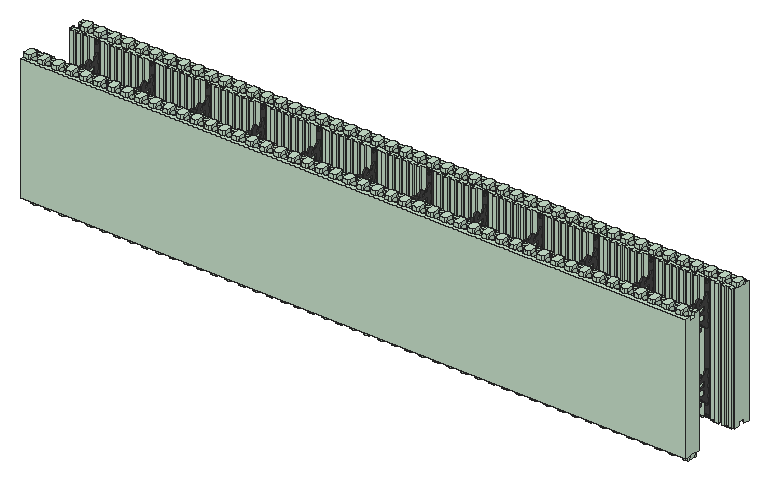
Revit family (continued)
Definition of nested family "6-inch Web"
  Forms (in)
    Extrusion 1, solid, material "Polypropylene- NUDURA"
      sketch origin (0, 0, -0.5) x (0, 1, 0) y (0, 0, 1)
        loop
          arc (2.7525, 12.7262) -> (2.7083, 12.7079) -> (2.69, 12.6637) r 0.0625
          line (2.69, 12.6637) -> (2.69, 12.5962)
          arc (2.69, 12.5962) -> (2.73587, 12.45187) -> (2.85666, 12.3605) r 0.25
          arc (2.85666, 12.3605) -> (2.98601, 12.29206) -> (3.09, 12.1891) r 0.5
          line (3.09, 12.1891) -> (3.19, 12.1891) -> (3.19, 12.7887)
          arc (3.19, 12.7887) -> (3.17169, 12.74451) -> (3.1275, 12.7262) r 0.0625
          line (3.1275, 12.7262) -> (2.8844, 12.7262) -> (2.8844, 12.79623) -> (2.995, 12.79623) -> (2.995, 13.2962) -> (2.8844, 13.2962) -> (2.8844, 13.3662) -> (3.1275, 13.3662)
          arc (3.1275, 13.3662) -> (3.17169, 13.3479) -> (3.19, 13.3037) r 0.0625
          line (3.19, 13.3037) -> (3.19, 14.0887)
          arc (3.19, 14.0887) -> (3.17169, 14.04451) -> (3.1275, 14.0262) r 0.0625
          line (3.1275, 14.0262) -> (2.8844, 14.0262) -> (2.8844, 14.0962) -> (2.995, 14.0962) -> (2.995, 14.5962) -> (2.8844, 14.5962) -> (2.8844, 14.6662) -> (3.1275, 14.6662)
          arc (3.1275, 14.6662) -> (3.17169, 14.6479) -> (3.19, 14.6037) r 0.0625
          line (3.19, 14.6037) -> (3.19, 15.3887)
          arc (3.19, 15.3887) -> (3.17169, 15.34451) -> (3.1275, 15.3262) r 0.0625
          line (3.1275, 15.3262) -> (2.8844, 15.3262) -> (2.8844, 15.3962) -> (2.995, 15.3962)
        loop
          line (0.38913, 14.4362) -> (1.98527, 14.4362)
          arc (1.98527, 14.4362) -> (2.29477, 14.47239) -> (2.59139, 14.56787) r 1.6
          arc (2.59139, 14.56787) -> (2.64143, 14.5885) -> (2.695, 14.5962) r 0.21872
          line (2.695, 14.5962) -> (2.80974, 14.5962) -> (2.80974, 14.6662) -> (2.7525, 14.6662)
          arc (2.7525, 14.6662) -> (2.7083, 14.68451) -> (2.69, 14.7287) r 0.0625
          line (2.69, 14.7287) -> (2.69, 15.2637)
          arc (2.69, 15.2637) -> (2.7083, 15.3079) -> (2.7525, 15.3262) r 0.0625
          line (2.7525, 15.3262) -> (2.80974, 15.3262) -> (2.80974, 15.3962) -> (2.695, 15.3962)
          arc (2.695, 15.3962) -> (2.62256, 15.38693) -> (2.551, 15.3724) r 1
          line (2.551, 15.3724) -> (0.33976, 14.89084)
          arc (0.33976, 14.89084) -> (0.16047, 14.64137) -> (0.38913, 14.4362) r 0.23
        loop
          arc (2.695, 14.0962) -> (2.64143, 14.10391) -> (2.59139, 14.12453) r 0.21872
          arc (2.59139, 14.12453) -> (2.29477, 14.22002) -> (1.98527, 14.2562) r 1.6
          line (1.98527, 14.2562) -> (0.38913, 14.2562)
          arc (0.38913, 14.2562) -> (0.16047, 14.05103) -> (0.33976, 13.80156) r 0.23
          line (0.33976, 13.80156) -> (2.551, 13.32001)
          arc (2.551, 13.32001) -> (2.62256, 13.30547) -> (2.695, 13.2962) r 1
          line (2.695, 13.2962) -> (2.80974, 13.2962) -> (2.80974, 13.3662) -> (2.7525, 13.3662)
          arc (2.7525, 13.3662) -> (2.7083, 13.38451) -> (2.69, 13.4287) r 0.0625
          line (2.69, 13.4287) -> (2.69, 13.9637)
          arc (2.69, 13.9637) -> (2.7083, 14.0079) -> (2.7525, 14.0262) r 0.0625
          line (2.7525, 14.0262) -> (2.80974, 14.0262) -> (2.80974, 14.0962) -> (2.695, 14.0962)
        loop
          arc (-2.59482, 15.38194) -> (-2.64473, 15.39034) -> (-2.695, 15.3962) r 1
          line (-2.695, 15.3962) -> (-2.80974, 15.3962) -> (-2.80974, 15.3262) -> (-2.7525, 15.3262)
          arc (-2.7525, 15.3262) -> (-2.7083, 15.3079) -> (-2.69, 15.2637) r 0.0625
          line (-2.69, 15.2637) -> (-2.69, 14.7287)
          arc (-2.69, 14.7287) -> (-2.7083, 14.68451) -> (-2.7525, 14.6662) r 0.0625
          line (-2.7525, 14.6662) -> (-2.80974, 14.6662) -> (-2.80974, 14.5962) -> (-2.695, 14.5962)
          arc (-2.695, 14.5962) -> (-2.64143, 14.5885) -> (-2.59139, 14.56787) r 0.21872
          arc (-2.59139, 14.56787) -> (-2.29477, 14.47239) -> (-1.98527, 14.4362) r 1.6
          line (-1.98527, 14.4362) -> (-0.38913, 14.4362)
          arc (-0.38913, 14.4362) -> (-0.16047, 14.64137) -> (-0.33976, 14.89084) r 0.23
          line (-0.33976, 14.89084) -> (-2.59482, 15.38194)
        loop
          line (-2.695, 14.0962) -> (-2.80974, 14.0962) -> (-2.80974, 14.0262) -> (-2.7525, 14.0262)
          arc (-2.7525, 14.0262) -> (-2.7083, 14.0079) -> (-2.69, 13.9637) r 0.0625
          line (-2.69, 13.9637) -> (-2.69, 13.4287)
          arc (-2.69, 13.4287) -> (-2.7083, 13.38451) -> (-2.7525, 13.3662) r 0.0625
          line (-2.7525, 13.3662) -> (-2.80974, 13.3662) -> (-2.80974, 13.2962) -> (-2.695, 13.2962)
          arc (-2.695, 13.2962) -> (-2.62256, 13.30547) -> (-2.551, 13.32001) r 1
          line (-2.551, 13.32001) -> (-0.33976, 13.80156)
          arc (-0.33976, 13.80156) -> (-0.16047, 14.05103) -> (-0.38913, 14.2562) r 0.23
          line (-0.38913, 14.2562) -> (-1.98527, 14.2562)
          arc (-1.98527, 14.2562) -> (-2.29477, 14.22002) -> (-2.59139, 14.12453) r 1.6
          arc (-2.59139, 14.12453) -> (-2.64143, 14.10391) -> (-2.695, 14.0962) r 0.21872
        loop
          line (3.19, 18.01497) -> (3.19, 18.26376)
          arc (3.19, 18.26376) -> (3.18585, 18.24855) -> (3.17457, 18.23754) r 0.03
          line (3.17457, 18.23754) -> (3.00543, 18.14357)
          arc (3.00543, 18.14357) -> (2.99414, 18.13256) -> (2.99, 18.11735) r 0.03
          line (2.99, 18.11735) -> (2.99, 18.04614)
          arc (2.99, 18.04614) -> (2.99625, 18.03161) -> (3.01111, 18.02617) r 0.02
          line (3.01111, 18.02617) -> (3.16889, 18.03494)
          arc (3.16889, 18.03494) -> (3.18374, 18.0295) -> (3.19, 18.01497) r 0.02
        loop
          arc (-3.19, 18.01497) -> (-3.18374, 18.0295) -> (-3.16889, 18.03494) r 0.02
          line (-3.16889, 18.03494) -> (-3.01111, 18.02617)
          arc (-3.01111, 18.02617) -> (-2.99625, 18.03161) -> (-2.99, 18.04614) r 0.02
          line (-2.99, 18.04614) -> (-2.99, 18.11735)
          arc (-2.99, 18.11735) -> (-2.99414, 18.13256) -> (-3.00543, 18.14357) r 0.03
          line (-3.00543, 18.14357) -> (-3.17457, 18.23754)
          arc (-3.17457, 18.23754) -> (-3.18585, 18.24855) -> (-3.19, 18.26376) r 0.03
          line (-3.19, 18.26376) -> (-3.19, 18.01497)
      from -0.125 to 0.125
    Extrusion 2, solid, material "Polypropylene- NUDURA"
      sketch origin (0, 0, 0) x (0, 1, 0) y (0, 0, 1)
        loop
          line (3.19, 17.8125) -> (3.19, 0.1875)
          arc (3.19, 0.1875) -> (3.2092, 0.14243) -> (3.255, 0.12505) r 0.0625
          arc (3.255, 0.12505) -> (3.3008, 0.14243) -> (3.32, 0.1875) r 0.0625
          line (3.32, 0.1875) -> (3.32, 17.8125)
          arc (3.32, 17.8125) -> (3.3008, 17.85757) -> (3.255, 17.87495) r 0.0625
          arc (3.255, 17.87495) -> (3.2092, 17.85757) -> (3.19, 17.8125) r 0.0625
        loop
          arc (-3.19, 17.8125) -> (-3.2092, 17.85757) -> (-3.255, 17.87495) r 0.0625
          arc (-3.255, 17.87495) -> (-3.3008, 17.85757) -> (-3.32, 17.8125) r 0.0625
          line (-3.32, 17.8125) -> (-3.32, 0.1875)
          arc (-3.32, 0.1875) -> (-3.3008, 0.14243) -> (-3.255, 0.12505) r 0.0625
          arc (-3.255, 0.12505) -> (-3.2092, 0.14243) -> (-3.19, 0.1875) r 0.0625
          line (-3.19, 0.1875) -> (-3.19, 17.8125)
      from -0.36328 to 0.36328
Definition of nested family "NUDURA Diamond Pattern"
  Reference planes (in)
    plane 1 "Center (Front/Back)": y = 0
    plane 2: z = 0
    plane 3 "Center (Left/Right)": x = 0
    plane 4: z = 18
  Lines and regions (in)
    model lines
      curve 1: line (8, -5.625, 18) -> (8, -5.625, 0)
      curve 2: line (6, -5.625, 18) -> (6, -5.625, 0)
      curve 3: line (2, -5.625, 18) -> (2, -5.625, 0)
      curve 4: line (3.35367, -5.625, 16.98484) -> (3.69709, -5.625, 16.64142)
      curve 5: arc (3.35367, -5.625, 17.51517) -> (3.24384, -5.625, 17.25) -> (3.35367, -5.625, 16.98484) r 0.375
      curve 6: line (3.72867, -5.625, 17.89017) -> (3.35367, -5.625, 17.51517)
      curve 7: arc (4.259, -5.625, 17.89017) -> (3.99384, -5.625, 18) -> (3.72867, -5.625, 17.89017) r 0.375
      curve 8: line (4.634, -5.625, 17.51517) -> (4.259, -5.625, 17.89017)
      curve 9: arc (4.634, -5.625, 16.98484) -> (4.74384, -5.625, 17.25) -> (4.634, -5.625, 17.51517) r 0.375
      curve 10: line (4.29059, -5.625, 16.64142) -> (4.634, -5.625, 16.98484)
      curve 11: arc (4.17062, -5.625, 17.80178) -> (3.99384, -5.625, 17.875) -> (3.81706, -5.625, 17.80178) r 0.25
      curve 12: line (4.54562, -5.625, 17.42678) -> (4.17062, -5.625, 17.80178)
      curve 13: arc (4.54562, -5.625, 17.07322) -> (4.61884, -5.625, 17.25) -> (4.54562, -5.625, 17.42678) r 0.25
      curve 14: line (4.17062, -5.625, 16.69822) -> (4.54562, -5.625, 17.07322)
      curve 15: arc (3.81706, -5.625, 16.69822) -> (3.99384, -5.625, 16.625) -> (4.17062, -5.625, 16.69822) r 0.25
      curve 16: line (3.44206, -5.625, 17.07322) -> (3.81706, -5.625, 16.69822)
      curve 17: arc (3.44206, -5.625, 17.42678) -> (3.36884, -5.625, 17.25) -> (3.44206, -5.625, 17.07322) r 0.25
      curve 18: line (3.81706, -5.625, 17.80178) -> (3.44206, -5.625, 17.42678)
      curve 19: arc (3.69709, -5.625, 16.35858) -> (3.75567, -5.625, 16.5) -> (3.69709, -5.625, 16.64142) r 0.2
      curve 20: line (4.634, -5.625, 16.01517) -> (4.29059, -5.625, 16.35858)
      curve 21: arc (4.634, -5.625, 15.48484) -> (4.74384, -5.625, 15.75) -> (4.634, -5.625, 16.01517) r 0.375
      curve 22: line (4.29059, -5.625, 15.14142) -> (4.634, -5.625, 15.48484)
      curve 23: line (3.35367, -5.625, 15.48484) -> (3.69709, -5.625, 15.14142)
      curve 24: arc (3.35367, -5.625, 16.01517) -> (3.24384, -5.625, 15.75) -> (3.35367, -5.625, 15.48484) r 0.375
      curve 25: line (3.69709, -5.625, 16.35858) -> (3.35367, -5.625, 16.01517)
      curve 26: arc (4.17062, -5.625, 16.30178) -> (3.99384, -5.625, 16.375) -> (3.81706, -5.625, 16.30178) r 0.25
      curve 27: line (3.81706, -5.625, 16.30178) -> (3.44206, -5.625, 15.92678)
      curve 28: arc (3.44206, -5.625, 15.92678) -> (3.36884, -5.625, 15.75) -> (3.44206, -5.625, 15.57322) r 0.25
      curve 29: line (3.44206, -5.625, 15.57322) -> (3.81706, -5.625, 15.19822)
      curve 30: arc (3.81706, -5.625, 15.19822) -> (3.99384, -5.625, 15.125) -> (4.17062, -5.625, 15.19822) r 0.25
      curve 31: line (4.17062, -5.625, 15.19822) -> (4.54562, -5.625, 15.57322)
      curve 32: arc (4.54562, -5.625, 15.57322) -> (4.61884, -5.625, 15.75) -> (4.54562, -5.625, 15.92678) r 0.25
      curve 33: line (4.54562, -5.625, 15.92678) -> (4.17062, -5.625, 16.30178)
      curve 34: arc (3.69709, -5.625, 14.85858) -> (3.75567, -5.625, 15) -> (3.69709, -5.625, 15.14142) r 0.2
      curve 35: line (4.634, -5.625, 14.51517) -> (4.29059, -5.625, 14.85858)
      curve 36: arc (4.634, -5.625, 13.98484) -> (4.74384, -5.625, 14.25) -> (4.634, -5.625, 14.51517) r 0.375
      curve 37: line (4.29059, -5.625, 13.64142) -> (4.634, -5.625, 13.98484)
      curve 38: line (3.35367, -5.625, 13.98484) -> (3.69709, -5.625, 13.64142)
      curve 39: arc (3.35367, -5.625, 14.51517) -> (3.24384, -5.625, 14.25) -> (3.35367, -5.625, 13.98484) r 0.375
      curve 40: line (3.69709, -5.625, 14.85858) -> (3.35367, -5.625, 14.51517)
      curve 41: arc (4.17062, -5.625, 14.80178) -> (3.99384, -5.625, 14.875) -> (3.81706, -5.625, 14.80178) r 0.25
      curve 42: line (3.81706, -5.625, 14.80178) -> (3.44206, -5.625, 14.42678)
      curve 43: arc (3.44206, -5.625, 14.42678) -> (3.36884, -5.625, 14.25) -> (3.44206, -5.625, 14.07322) r 0.25
      curve 44: line (3.44206, -5.625, 14.07322) -> (3.81706, -5.625, 13.69822)
      curve 45: arc (3.81706, -5.625, 13.69822) -> (3.99384, -5.625, 13.625) -> (4.17062, -5.625, 13.69822) r 0.25
      curve 46: line (4.17062, -5.625, 13.69822) -> (4.54562, -5.625, 14.07322)
      curve 47: arc (4.54562, -5.625, 14.07322) -> (4.61884, -5.625, 14.25) -> (4.54562, -5.625, 14.42678) r 0.25
      curve 48: line (4.54562, -5.625, 14.42678) -> (4.17062, -5.625, 14.80178)
      curve 49: arc (3.69709, -5.625, 13.35858) -> (3.75567, -5.625, 13.5) -> (3.69709, -5.625, 13.64142) r 0.2
      curve 50: line (4.634, -5.625, 13.01517) -> (4.29059, -5.625, 13.35858)
      curve 51: arc (4.634, -5.625, 12.48484) -> (4.74384, -5.625, 12.75) -> (4.634, -5.625, 13.01517) r 0.375
      curve 52: line (4.29059, -5.625, 12.14142) -> (4.634, -5.625, 12.48484)
      curve 53: line (3.35367, -5.625, 12.48484) -> (3.69709, -5.625, 12.14142)
      curve 54: arc (3.35367, -5.625, 13.01517) -> (3.24384, -5.625, 12.75) -> (3.35367, -5.625, 12.48484) r 0.375
      curve 55: line (3.69709, -5.625, 13.35858) -> (3.35367, -5.625, 13.01517)
      curve 56: arc (4.17062, -5.625, 13.30178) -> (3.99384, -5.625, 13.375) -> (3.81706, -5.625, 13.30178) r 0.25
      curve 57: line (3.81706, -5.625, 13.30178) -> (3.44206, -5.625, 12.92678)
      curve 58: arc (3.44206, -5.625, 12.92678) -> (3.36884, -5.625, 12.75) -> (3.44206, -5.625, 12.57322) r 0.25
      curve 59: line (3.44206, -5.625, 12.57322) -> (3.81706, -5.625, 12.19822)
      curve 60: arc (3.81706, -5.625, 12.19822) -> (3.99384, -5.625, 12.125) -> (4.17062, -5.625, 12.19822) r 0.25
      curve 61: line (4.17062, -5.625, 12.19822) -> (4.54562, -5.625, 12.57322)
      curve 62: arc (4.54562, -5.625, 12.57322) -> (4.61884, -5.625, 12.75) -> (4.54562, -5.625, 12.92678) r 0.25
      curve 63: line (4.54562, -5.625, 12.92678) -> (4.17062, -5.625, 13.30178)
      curve 64: arc (3.69709, -5.625, 11.85858) -> (3.75567, -5.625, 12) -> (3.69709, -5.625, 12.14142) r 0.2
      curve 65: line (4.634, -5.625, 11.51517) -> (4.29059, -5.625, 11.85858)
      curve 66: arc (4.634, -5.625, 10.98484) -> (4.74384, -5.625, 11.25) -> (4.634, -5.625, 11.51517) r 0.375
      curve 67: line (4.29059, -5.625, 10.64142) -> (4.634, -5.625, 10.98484)
      curve 68: line (3.35367, -5.625, 10.98484) -> (3.69709, -5.625, 10.64142)
      curve 69: arc (3.35367, -5.625, 11.51517) -> (3.24384, -5.625, 11.25) -> (3.35367, -5.625, 10.98484) r 0.375
      curve 70: line (3.69709, -5.625, 11.85858) -> (3.35367, -5.625, 11.51517)
      curve 71: arc (4.17062, -5.625, 11.80178) -> (3.99384, -5.625, 11.875) -> (3.81706, -5.625, 11.80178) r 0.25
      curve 72: line (3.81706, -5.625, 11.80178) -> (3.44206, -5.625, 11.42678)
      curve 73: arc (3.44206, -5.625, 11.42678) -> (3.36884, -5.625, 11.25) -> (3.44206, -5.625, 11.07322) r 0.25
      curve 74: line (3.44206, -5.625, 11.07322) -> (3.81706, -5.625, 10.69822)
      curve 75: arc (3.81706, -5.625, 10.69822) -> (3.99384, -5.625, 10.625) -> (4.17062, -5.625, 10.69822) r 0.25
      curve 76: line (4.17062, -5.625, 10.69822) -> (4.54562, -5.625, 11.07322)
      curve 77: arc (4.54562, -5.625, 11.07322) -> (4.61884, -5.625, 11.25) -> (4.54562, -5.625, 11.42678) r 0.25
      curve 78: line (4.54562, -5.625, 11.42678) -> (4.17062, -5.625, 11.80178)
      curve 79: arc (3.69709, -5.625, 10.35858) -> (3.75567, -5.625, 10.5) -> (3.69709, -5.625, 10.64142) r 0.2
      curve 80: line (4.634, -5.625, 10.01517) -> (4.29059, -5.625, 10.35858)
      curve 81: arc (4.634, -5.625, 9.48484) -> (4.74384, -5.625, 9.75) -> (4.634, -5.625, 10.01517) r 0.375
      curve 82: line (4.29059, -5.625, 9.14142) -> (4.634, -5.625, 9.48484)
      curve 83: line (3.35367, -5.625, 9.48484) -> (3.69709, -5.625, 9.14142)
      curve 84: arc (3.35367, -5.625, 10.01517) -> (3.24384, -5.625, 9.75) -> (3.35367, -5.625, 9.48484) r 0.375
      curve 85: line (3.69709, -5.625, 10.35858) -> (3.35367, -5.625, 10.01517)
      curve 86: arc (4.17062, -5.625, 10.30178) -> (3.99384, -5.625, 10.375) -> (3.81706, -5.625, 10.30178) r 0.25
      curve 87: line (3.81706, -5.625, 10.30178) -> (3.44206, -5.625, 9.92678)
      curve 88: arc (3.44206, -5.625, 9.92678) -> (3.36884, -5.625, 9.75) -> (3.44206, -5.625, 9.57322) r 0.25
      curve 89: line (3.44206, -5.625, 9.57322) -> (3.81706, -5.625, 9.19822)
      curve 90: arc (3.81706, -5.625, 9.19822) -> (3.99384, -5.625, 9.125) -> (4.17062, -5.625, 9.19822) r 0.25
      curve 91: line (4.17062, -5.625, 9.19822) -> (4.54562, -5.625, 9.57322)
      curve 92: arc (4.54562, -5.625, 9.57322) -> (4.61884, -5.625, 9.75) -> (4.54562, -5.625, 9.92678) r 0.25
      curve 93: line (4.54562, -5.625, 9.92678) -> (4.17062, -5.625, 10.30178)
      curve 94: arc (3.69709, -5.625, 8.85858) -> (3.75567, -5.625, 9) -> (3.69709, -5.625, 9.14142) r 0.2
      curve 95: line (4.634, -5.625, 8.51517) -> (4.29059, -5.625, 8.85858)
      curve 96: arc (4.634, -5.625, 7.98484) -> (4.74384, -5.625, 8.25) -> (4.634, -5.625, 8.51517) r 0.375
      curve 97: line (4.29059, -5.625, 7.64142) -> (4.634, -5.625, 7.98484)
      curve 98: line (3.35367, -5.625, 7.98484) -> (3.69709, -5.625, 7.64142)
      curve 99: arc (3.35367, -5.625, 8.51517) -> (3.24384, -5.625, 8.25) -> (3.35367, -5.625, 7.98484) r 0.375
      curve 100: line (3.69709, -5.625, 8.85858) -> (3.35367, -5.625, 8.51517)
      curve 101: arc (4.17062, -5.625, 8.80178) -> (3.99384, -5.625, 8.875) -> (3.81706, -5.625, 8.80178) r 0.25
      curve 102: line (3.81706, -5.625, 8.80178) -> (3.44206, -5.625, 8.42678)
      curve 103: arc (3.44206, -5.625, 8.42678) -> (3.36884, -5.625, 8.25) -> (3.44206, -5.625, 8.07322) r 0.25
      curve 104: line (3.44206, -5.625, 8.07322) -> (3.81706, -5.625, 7.69822)
      curve 105: arc (3.81706, -5.625, 7.69822) -> (3.99384, -5.625, 7.625) -> (4.17062, -5.625, 7.69822) r 0.25
      curve 106: line (4.17062, -5.625, 7.69822) -> (4.54562, -5.625, 8.07322)
      curve 107: arc (4.54562, -5.625, 8.07322) -> (4.61884, -5.625, 8.25) -> (4.54562, -5.625, 8.42678) r 0.25
      curve 108: line (4.54562, -5.625, 8.42678) -> (4.17062, -5.625, 8.80178)
      curve 109: arc (3.69709, -5.625, 7.35858) -> (3.75567, -5.625, 7.5) -> (3.69709, -5.625, 7.64142) r 0.2
      curve 110: line (4.634, -5.625, 7.01517) -> (4.29059, -5.625, 7.35858)
      curve 111: arc (4.634, -5.625, 6.48484) -> (4.74384, -5.625, 6.75) -> (4.634, -5.625, 7.01517) r 0.375
      curve 112: line (4.29059, -5.625, 6.14142) -> (4.634, -5.625, 6.48484)
      curve 113: line (3.35367, -5.625, 6.48484) -> (3.69709, -5.625, 6.14142)
      curve 114: arc (3.35367, -5.625, 7.01517) -> (3.24384, -5.625, 6.75) -> (3.35367, -5.625, 6.48484) r 0.375
      curve 115: line (3.69709, -5.625, 7.35858) -> (3.35367, -5.625, 7.01517)
      curve 116: arc (4.17062, -5.625, 7.30178) -> (3.99384, -5.625, 7.375) -> (3.81706, -5.625, 7.30178) r 0.25
      curve 117: line (3.81706, -5.625, 7.30178) -> (3.44206, -5.625, 6.92678)
      curve 118: arc (3.44206, -5.625, 6.92678) -> (3.36884, -5.625, 6.75) -> (3.44206, -5.625, 6.57322) r 0.25
      curve 119: line (3.44206, -5.625, 6.57322) -> (3.81706, -5.625, 6.19822)
      curve 120: arc (3.81706, -5.625, 6.19822) -> (3.99384, -5.625, 6.125) -> (4.17062, -5.625, 6.19822) r 0.25
      curve 121: line (4.17062, -5.625, 6.19822) -> (4.54562, -5.625, 6.57322)
      curve 122: arc (4.54562, -5.625, 6.57322) -> (4.61884, -5.625, 6.75) -> (4.54562, -5.625, 6.92678) r 0.25
      curve 123: line (4.54562, -5.625, 6.92678) -> (4.17062, -5.625, 7.30178)
      curve 124: arc (3.69709, -5.625, 5.85858) -> (3.75567, -5.625, 6) -> (3.69709, -5.625, 6.14142) r 0.2
      curve 125: line (4.634, -5.625, 5.51517) -> (4.29059, -5.625, 5.85858)
      curve 126: arc (4.634, -5.625, 4.98484) -> (4.74384, -5.625, 5.25) -> (4.634, -5.625, 5.51517) r 0.375
      curve 127: line (4.29059, -5.625, 4.64142) -> (4.634, -5.625, 4.98484)
      curve 128: line (3.35367, -5.625, 4.98484) -> (3.69709, -5.625, 4.64142)
      curve 129: arc (3.35367, -5.625, 5.51517) -> (3.24384, -5.625, 5.25) -> (3.35367, -5.625, 4.98484) r 0.375
      curve 130: line (3.69709, -5.625, 5.85858) -> (3.35367, -5.625, 5.51517)
      curve 131: arc (4.17062, -5.625, 5.80178) -> (3.99384, -5.625, 5.875) -> (3.81706, -5.625, 5.80178) r 0.25
      curve 132: line (3.81706, -5.625, 5.80178) -> (3.44206, -5.625, 5.42678)
      curve 133: arc (3.44206, -5.625, 5.42678) -> (3.36884, -5.625, 5.25) -> (3.44206, -5.625, 5.07322) r 0.25
      curve 134: line (3.44206, -5.625, 5.07322) -> (3.81706, -5.625, 4.69822)
      curve 135: arc (3.81706, -5.625, 4.69822) -> (3.99384, -5.625, 4.625) -> (4.17062, -5.625, 4.69822) r 0.25
      curve 136: line (4.17062, -5.625, 4.69822) -> (4.54562, -5.625, 5.07322)
      curve 137: arc (4.54562, -5.625, 5.07322) -> (4.61884, -5.625, 5.25) -> (4.54562, -5.625, 5.42678) r 0.25
      curve 138: line (4.54562, -5.625, 5.42678) -> (4.17062, -5.625, 5.80178)
      curve 139: arc (3.69709, -5.625, 4.35858) -> (3.75567, -5.625, 4.5) -> (3.69709, -5.625, 4.64142) r 0.2
      curve 140: line (4.634, -5.625, 4.01517) -> (4.29059, -5.625, 4.35858)
      curve 141: arc (4.634, -5.625, 3.48484) -> (4.74384, -5.625, 3.75) -> (4.634, -5.625, 4.01517) r 0.375
      curve 142: line (4.29059, -5.625, 3.14142) -> (4.634, -5.625, 3.48484)
      curve 143: line (3.35367, -5.625, 3.48484) -> (3.69709, -5.625, 3.14142)
      curve 144: arc (3.35367, -5.625, 4.01517) -> (3.24384, -5.625, 3.75) -> (3.35367, -5.625, 3.48484) r 0.375
      curve 145: line (3.69709, -5.625, 4.35858) -> (3.35367, -5.625, 4.01517)
      curve 146: arc (4.17062, -5.625, 4.30178) -> (3.99384, -5.625, 4.375) -> (3.81706, -5.625, 4.30178) r 0.25
      curve 147: line (3.81706, -5.625, 4.30178) -> (3.44206, -5.625, 3.92678)
      curve 148: arc (3.44206, -5.625, 3.92678) -> (3.36884, -5.625, 3.75) -> (3.44206, -5.625, 3.57322) r 0.25
      curve 149: line (3.44206, -5.625, 3.57322) -> (3.81706, -5.625, 3.19822)
      curve 150: arc (3.81706, -5.625, 3.19822) -> (3.99384, -5.625, 3.125) -> (4.17062, -5.625, 3.19822) r 0.25
      curve 151: line (4.17062, -5.625, 3.19822) -> (4.54562, -5.625, 3.57322)
      curve 152: arc (4.54562, -5.625, 3.57322) -> (4.61884, -5.625, 3.75) -> (4.54562, -5.625, 3.92678) r 0.25
      curve 153: line (4.54562, -5.625, 3.92678) -> (4.17062, -5.625, 4.30178)
      curve 154: arc (3.69709, -5.625, 2.85858) -> (3.75567, -5.625, 3) -> (3.69709, -5.625, 3.14142) r 0.2
      curve 155: line (4.634, -5.625, 2.51517) -> (4.29059, -5.625, 2.85858)
      curve 156: arc (4.634, -5.625, 1.98484) -> (4.74384, -5.625, 2.25) -> (4.634, -5.625, 2.51517) r 0.375
      curve 157: line (4.29059, -5.625, 1.64142) -> (4.634, -5.625, 1.98484)
      curve 158: line (3.35367, -5.625, 1.98484) -> (3.69709, -5.625, 1.64142)
      curve 159: arc (3.35367, -5.625, 2.51517) -> (3.24384, -5.625, 2.25) -> (3.35367, -5.625, 1.98484) r 0.375
      curve 160: line (3.69709, -5.625, 2.85858) -> (3.35367, -5.625, 2.51517)
      curve 161: arc (4.17062, -5.625, 2.80178) -> (3.99384, -5.625, 2.875) -> (3.81706, -5.625, 2.80178) r 0.25
      curve 162: line (3.81706, -5.625, 2.80178) -> (3.44206, -5.625, 2.42678)
      curve 163: arc (3.44206, -5.625, 2.42678) -> (3.36884, -5.625, 2.25) -> (3.44206, -5.625, 2.07322) r 0.25
      curve 164: line (3.44206, -5.625, 2.07322) -> (3.81706, -5.625, 1.69822)
      curve 165: arc (3.81706, -5.625, 1.69822) -> (3.99384, -5.625, 1.625) -> (4.17062, -5.625, 1.69822) r 0.25
      curve 166: line (4.17062, -5.625, 1.69822) -> (4.54562, -5.625, 2.07322)
      curve 167: arc (4.54562, -5.625, 2.07322) -> (4.61884, -5.625, 2.25) -> (4.54562, -5.625, 2.42678) r 0.25
      curve 168: line (4.54562, -5.625, 2.42678) -> (4.17062, -5.625, 2.80178)
      curve 169: arc (3.69709, -5.625, 1.35858) -> (3.75567, -5.625, 1.5) -> (3.69709, -5.625, 1.64142) r 0.2
      curve 170: line (3.69709, -5.625, 1.35858) -> (3.35367, -5.625, 1.01517)
      curve 171: arc (3.35367, -5.625, 1.01517) -> (3.24384, -5.625, 0.75) -> (3.35367, -5.625, 0.48484) r 0.375
      curve 172: line (3.35367, -5.625, 0.48484) -> (3.72867, -5.625, 0.10984)
      curve 173: arc (3.72867, -5.625, 0.10984) -> (3.99384, -5.625, 0) -> (4.259, -5.625, 0.10984) r 0.375
      curve 174: line (4.259, -5.625, 0.10984) -> (4.634, -5.625, 0.48484)
      curve 175: arc (4.634, -5.625, 0.48484) -> (4.74384, -5.625, 0.75) -> (4.634, -5.625, 1.01517) r 0.375
      curve 176: line (4.634, -5.625, 1.01517) -> (4.29059, -5.625, 1.35858)
      curve 177: arc (4.29059, -5.625, 1.64142) -> (4.23201, -5.625, 1.5) -> (4.29059, -5.625, 1.35858) r 0.2
      curve 178: arc (4.17062, -5.625, 1.30178) -> (3.99384, -5.625, 1.375) -> (3.81706, -5.625, 1.30178) r 0.25
      curve 179: line (4.54562, -5.625, 0.92678) -> (4.17062, -5.625, 1.30178)
      curve 180: arc (4.54562, -5.625, 0.57322) -> (4.61884, -5.625, 0.75) -> (4.54562, -5.625, 0.92678) r 0.25
      curve 181: line (4.17062, -5.625, 0.19822) -> (4.54562, -5.625, 0.57322)
      curve 182: arc (3.81706, -5.625, 0.19822) -> (3.99384, -5.625, 0.125) -> (4.17062, -5.625, 0.19822) r 0.25
      curve 183: line (3.44206, -5.625, 0.57322) -> (3.81706, -5.625, 0.19822)
      curve 184: arc (3.44206, -5.625, 0.92678) -> (3.36884, -5.625, 0.75) -> (3.44206, -5.625, 0.57322) r 0.25
      curve 185: line (3.81706, -5.625, 1.30178) -> (3.44206, -5.625, 0.92678)
      curve 186: arc (4.29059, -5.625, 3.14142) -> (4.23201, -5.625, 3) -> (4.29059, -5.625, 2.85858) r 0.2
      curve 187: arc (4.29059, -5.625, 4.64142) -> (4.23201, -5.625, 4.5) -> (4.29059, -5.625, 4.35858) r 0.2
      curve 188: arc (4.29059, -5.625, 6.14142) -> (4.23201, -5.625, 6) -> (4.29059, -5.625, 5.85858) r 0.2
      curve 189: arc (4.29059, -5.625, 7.64142) -> (4.23201, -5.625, 7.5) -> (4.29059, -5.625, 7.35858) r 0.2
      curve 190: arc (4.29059, -5.625, 9.14142) -> (4.23201, -5.625, 9) -> (4.29059, -5.625, 8.85858) r 0.2
      curve 191: arc (4.29059, -5.625, 10.64142) -> (4.23201, -5.625, 10.5) -> (4.29059, -5.625, 10.35858) r 0.2
      curve 192: arc (4.29059, -5.625, 12.14142) -> (4.23201, -5.625, 12) -> (4.29059, -5.625, 11.85858) r 0.2
      curve 193: arc (4.29059, -5.625, 13.64142) -> (4.23201, -5.625, 13.5) -> (4.29059, -5.625, 13.35858) r 0.2
      curve 194: arc (4.29059, -5.625, 15.14142) -> (4.23201, -5.625, 15) -> (4.29059, -5.625, 14.85858) r 0.2
      curve 195: arc (4.29059, -5.625, 16.64142) -> (4.23201, -5.625, 16.5) -> (4.29059, -5.625, 16.35858) r 0.2
Definition of nested family "NUDURA Logo Diamond"
  Reference planes (in)
    plane 1 "Center (Front/Back)": y = 0
    plane 2: z = 0
    plane 3 "Center (Left/Right)": x = 0
  Lines and regions (in)
    model lines
      curve 1: line (12.59848, 0, 17.50104) -> (12.24492, 0, 17.85459)
      curve 2: line (12.36113, 0, 16.76872) -> (12.59848, 0, 17.00607)
      curve 3: line (12.59848, 0, 16.00104) -> (12.36113, 0, 16.23839)
      curve 4: line (12.36113, 0, 15.26872) -> (12.59848, 0, 15.50607)
      curve 5: line (12.59848, 0, 14.50104) -> (12.36113, 0, 14.73839)
      curve 6: line (12.36113, 0, 13.76872) -> (12.59848, 0, 14.00607)
      curve 7: line (12.17421, 0, 13.28388) -> (12.71208, 0, 12.74602)
      curve 8: line (12.71208, 0, 12.74602) -> (12.78279, 0, 12.81673)
      curve 9: line (11.28279, 0, 12.74602) -> (11.82066, 0, 13.28388)
      curve 10: line (11.63374, 0, 13.23839) -> (11.21208, 0, 12.81673)
      curve 11: line (11.3964, 0, 14.00607) -> (11.63374, 0, 13.76872)
      curve 12: line (11.63374, 0, 14.73839) -> (11.3964, 0, 14.50104)
      curve 13: line (11.3964, 0, 15.50607) -> (11.63374, 0, 15.26872)
      curve 14: line (11.63374, 0, 16.23839) -> (11.3964, 0, 16.00104)
      curve 15: line (11.3964, 0, 17.00607) -> (11.63374, 0, 16.76872)
      curve 16: line (11.74995, 0, 17.85459) -> (11.3964, 0, 17.50104)
      curve 17: line (11.82066, 0, 17.78388) -> (11.46711, 0, 17.43033)
      curve 18: line (12.52777, 0, 17.43033) -> (12.17421, 0, 17.78388)
      curve 19: line (12.17421, 0, 16.72322) -> (12.52777, 0, 17.07678)
      curve 20: line (11.46711, 0, 17.07678) -> (11.82066, 0, 16.72322)
      curve 21: arc (11.3964, 0, 17.50104) -> (11.29388, 0, 17.25355) -> (11.3964, 0, 17.00607) r 0.35
      curve 22: arc (11.74995, 0, 17.85459) -> (11.99744, 0, 17.95711) -> (12.24492, 0, 17.85459) r 0.35
      curve 23: arc (11.46711, 0, 17.43033) -> (11.39388, 0, 17.25355) -> (11.46711, 0, 17.07678) r 0.25
      curve 24: arc (12.52777, 0, 17.43033) -> (12.60099, 0, 17.25355) -> (12.52777, 0, 17.07678) r 0.25
      curve 25: arc (12.17421, 0, 16.72322) -> (11.99744, 0, 16.65) -> (11.82066, 0, 16.72322) r 0.25
      curve 26: arc (11.82066, 0, 17.78388) -> (11.99744, 0, 17.85711) -> (12.17421, 0, 17.78388) r 0.25
      curve 27: arc (12.59848, 0, 17.50104) -> (12.70099, 0, 17.25355) -> (12.59848, 0, 17.00607) r 0.35
      curve 28: arc (11.63374, 0, 16.76872) -> (11.74358, 0, 16.50355) -> (11.63374, 0, 16.23839) r 0.375
      curve 29: arc (12.36113, 0, 16.76872) -> (12.2513, 0, 16.50355) -> (12.36113, 0, 16.23839) r 0.375
      curve 30: line (12.36113, 0, 15.26872) -> (12.59848, 0, 15.50607)
      curve 31: line (11.3964, 0, 15.50607) -> (11.63374, 0, 15.26872)
      curve 32: line (11.82066, 0, 16.28388) -> (11.46711, 0, 15.93033)
      curve 33: line (12.52777, 0, 15.93033) -> (12.17421, 0, 16.28388)
      curve 34: line (12.17421, 0, 15.22322) -> (12.52777, 0, 15.57678)
      curve 35: line (11.46711, 0, 15.57678) -> (11.82066, 0, 15.22322)
      curve 36: arc (11.3964, 0, 16.00104) -> (11.29388, 0, 15.75355) -> (11.3964, 0, 15.50607) r 0.35
      curve 37: arc (11.46711, 0, 15.93033) -> (11.39388, 0, 15.75355) -> (11.46711, 0, 15.57678) r 0.25
      curve 38: arc (12.52777, 0, 15.93033) -> (12.60099, 0, 15.75355) -> (12.52777, 0, 15.57678) r 0.25
      curve 39: arc (12.17421, 0, 15.22322) -> (11.99744, 0, 15.15) -> (11.82066, 0, 15.22322) r 0.25
      curve 40: arc (11.82066, 0, 16.28388) -> (11.99744, 0, 16.35711) -> (12.17421, 0, 16.28388) r 0.25
      curve 41: arc (12.59848, 0, 16.00104) -> (12.70099, 0, 15.75355) -> (12.59848, 0, 15.50607) r 0.35
      curve 42: line (11.63374, 0, 16.23839) -> (11.3964, 0, 16.00104)
      curve 43: line (12.59848, 0, 16.00104) -> (12.36113, 0, 16.23839)
      curve 44: arc (11.63374, 0, 15.26872) -> (11.74358, 0, 15.00355) -> (11.63374, 0, 14.73839) r 0.375
      curve 45: arc (12.36113, 0, 15.26872) -> (12.2513, 0, 15.00355) -> (12.36113, 0, 14.73839) r 0.375
      curve 46: line (12.36113, 0, 13.76872) -> (12.59848, 0, 14.00607)
      curve 47: line (11.3964, 0, 14.00607) -> (11.63374, 0, 13.76872)
      curve 48: line (11.82066, 0, 14.78388) -> (11.46711, 0, 14.43033)
      curve 49: line (12.52777, 0, 14.43033) -> (12.17421, 0, 14.78388)
      curve 50: line (12.17421, 0, 13.72322) -> (12.52777, 0, 14.07678)
      curve 51: line (11.46711, 0, 14.07678) -> (11.82066, 0, 13.72322)
      curve 52: arc (11.3964, 0, 14.50104) -> (11.29388, 0, 14.25355) -> (11.3964, 0, 14.00607) r 0.35
      curve 53: arc (11.46711, 0, 14.43033) -> (11.39388, 0, 14.25355) -> (11.46711, 0, 14.07678) r 0.25
      curve 54: arc (12.52777, 0, 14.43033) -> (12.60099, 0, 14.25355) -> (12.52777, 0, 14.07678) r 0.25
      curve 55: arc (12.17421, 0, 13.72322) -> (11.99744, 0, 13.65) -> (11.82066, 0, 13.72322) r 0.25
      curve 56: arc (11.82066, 0, 14.78388) -> (11.99744, 0, 14.85711) -> (12.17421, 0, 14.78388) r 0.25
      curve 57: arc (12.59848, 0, 14.50104) -> (12.70099, 0, 14.25355) -> (12.59848, 0, 14.00607) r 0.35
      curve 58: line (11.63374, 0, 14.73839) -> (11.3964, 0, 14.50104)
      curve 59: arc (11.63374, 0, 13.76872) -> (11.74358, 0, 13.50355) -> (11.63374, 0, 13.23839) r 0.375
      curve 60: arc (12.36113, 0, 13.76872) -> (12.2513, 0, 13.50355) -> (12.36113, 0, 13.23839) r 0.375
      curve 61: line (12.78279, 0, 12.81673) -> (12.36113, 0, 13.23839)
      curve 62: line (11.21208, 0, 12.81673) -> (11.28279, 0, 12.74602)
      curve 63: arc (11.82066, 0, 13.28388) -> (11.99744, 0, 13.35711) -> (12.17421, 0, 13.28388) r 0.25
      curve 64: line (12.59848, 0, 0.50607) -> (12.24492, 0, 0.15251)
      curve 65: line (12.36113, 0, 1.23839) -> (12.59848, 0, 1.00104)
      curve 66: line (12.59848, 0, 2.00607) -> (12.36113, 0, 1.76872)
      curve 67: line (12.36113, 0, 2.73839) -> (12.59848, 0, 2.50104)
      curve 68: line (12.59848, 0, 3.50607) -> (12.36113, 0, 3.26872)
      curve 69: line (12.36113, 0, 4.23839) -> (12.59848, 0, 4.00104)
      curve 70: line (12.17421, 0, 4.72322) -> (12.71208, 0, 5.26109)
      curve 71: line (12.71208, 0, 5.26109) -> (12.78279, 0, 5.19038)
      curve 72: line (11.28279, 0, 5.26109) -> (11.82066, 0, 4.72322)
      curve 73: line (11.63374, 0, 4.76872) -> (11.21208, 0, 5.19038)
      curve 74: line (11.3964, 0, 4.00104) -> (11.63374, 0, 4.23839)
      curve 75: line (11.63374, 0, 3.26872) -> (11.3964, 0, 3.50607)
      curve 76: line (11.3964, 0, 2.50104) -> (11.63374, 0, 2.73839)
      curve 77: line (11.63374, 0, 1.76872) -> (11.3964, 0, 2.00607)
      curve 78: line (11.3964, 0, 1.00104) -> (11.63374, 0, 1.23839)
      curve 79: line (11.74995, 0, 0.15251) -> (11.3964, 0, 0.50607)
      curve 80: line (11.82066, 0, 0.22322) -> (11.46711, 0, 0.57678)
      curve 81: line (12.52777, 0, 0.57678) -> (12.17421, 0, 0.22322)
      curve 82: line (12.17421, 0, 1.28388) -> (12.52777, 0, 0.93033)
      curve 83: line (11.46711, 0, 0.93033) -> (11.82066, 0, 1.28388)
      curve 84: arc (11.3964, 0, 0.50607) -> (11.29388, 0, 0.75355) -> (11.3964, 0, 1.00104) r 0.35
      curve 85: arc (11.74995, 0, 0.15251) -> (11.99744, 0, 0.05) -> (12.24492, 0, 0.15251) r 0.35
      curve 86: arc (11.46711, 0, 0.57678) -> (11.39388, 0, 0.75355) -> (11.46711, 0, 0.93033) r 0.25
      curve 87: arc (12.52777, 0, 0.57678) -> (12.60099, 0, 0.75355) -> (12.52777, 0, 0.93033) r 0.25
      curve 88: arc (12.17421, 0, 1.28388) -> (11.99744, 0, 1.35711) -> (11.82066, 0, 1.28388) r 0.25
      curve 89: arc (11.82066, 0, 0.22322) -> (11.99744, 0, 0.15) -> (12.17421, 0, 0.22322) r 0.25
      curve 90: arc (12.59848, 0, 0.50607) -> (12.70099, 0, 0.75355) -> (12.59848, 0, 1.00104) r 0.35
      curve 91: arc (11.63374, 0, 1.23839) -> (11.74358, 0, 1.50355) -> (11.63374, 0, 1.76872) r 0.375
      curve 92: arc (12.36113, 0, 1.23839) -> (12.2513, 0, 1.50355) -> (12.36113, 0, 1.76872) r 0.375
      curve 93: line (12.36113, 0, 2.73839) -> (12.59848, 0, 2.50104)
      curve 94: line (11.3964, 0, 2.50104) -> (11.63374, 0, 2.73839)
      curve 95: line (11.82066, 0, 1.72322) -> (11.46711, 0, 2.07678)
      curve 96: line (12.52777, 0, 2.07678) -> (12.17421, 0, 1.72322)
      curve 97: line (12.17421, 0, 2.78388) -> (12.52777, 0, 2.43033)
      curve 98: line (11.46711, 0, 2.43033) -> (11.82066, 0, 2.78388)
      curve 99: arc (11.3964, 0, 2.00607) -> (11.29388, 0, 2.25355) -> (11.3964, 0, 2.50104) r 0.35
      curve 100: arc (11.46711, 0, 2.07678) -> (11.39388, 0, 2.25355) -> (11.46711, 0, 2.43033) r 0.25
      curve 101: arc (12.52777, 0, 2.07678) -> (12.60099, 0, 2.25355) -> (12.52777, 0, 2.43033) r 0.25
      curve 102: arc (12.17421, 0, 2.78388) -> (11.99744, 0, 2.85711) -> (11.82066, 0, 2.78388) r 0.25
      curve 103: arc (11.82066, 0, 1.72322) -> (11.99744, 0, 1.65) -> (12.17421, 0, 1.72322) r 0.25
      curve 104: arc (12.59848, 0, 2.00607) -> (12.70099, 0, 2.25355) -> (12.59848, 0, 2.50104) r 0.35
      curve 105: line (11.63374, 0, 1.76872) -> (11.3964, 0, 2.00607)
      curve 106: line (12.59848, 0, 2.00607) -> (12.36113, 0, 1.76872)
      curve 107: arc (11.63374, 0, 2.73839) -> (11.74358, 0, 3.00355) -> (11.63374, 0, 3.26872) r 0.375
      curve 108: arc (12.36113, 0, 2.73839) -> (12.2513, 0, 3.00355) -> (12.36113, 0, 3.26872) r 0.375
      curve 109: line (12.36113, 0, 4.23839) -> (12.59848, 0, 4.00104)
      curve 110: line (11.3964, 0, 4.00104) -> (11.63374, 0, 4.23839)
      curve 111: line (11.82066, 0, 3.22322) -> (11.46711, 0, 3.57678)
      curve 112: line (12.52777, 0, 3.57678) -> (12.17421, 0, 3.22322)
      curve 113: line (12.17421, 0, 4.28388) -> (12.52777, 0, 3.93033)
      curve 114: line (11.46711, 0, 3.93033) -> (11.82066, 0, 4.28388)
      curve 115: arc (11.3964, 0, 3.50607) -> (11.29388, 0, 3.75355) -> (11.3964, 0, 4.00104) r 0.35
      curve 116: arc (11.46711, 0, 3.57678) -> (11.39388, 0, 3.75355) -> (11.46711, 0, 3.93033) r 0.25
      curve 117: arc (12.52777, 0, 3.57678) -> (12.60099, 0, 3.75355) -> (12.52777, 0, 3.93033) r 0.25
      curve 118: arc (12.17421, 0, 4.28388) -> (11.99744, 0, 4.35711) -> (11.82066, 0, 4.28388) r 0.25
      curve 119: arc (11.82066, 0, 3.22322) -> (11.99744, 0, 3.15) -> (12.17421, 0, 3.22322) r 0.25
      curve 120: arc (12.59848, 0, 3.50607) -> (12.70099, 0, 3.75355) -> (12.59848, 0, 4.00104) r 0.35
      curve 121: line (11.63374, 0, 3.26872) -> (11.3964, 0, 3.50607)
      curve 122: arc (11.63374, 0, 4.23839) -> (11.74358, 0, 4.50355) -> (11.63374, 0, 4.76872) r 0.375
      curve 123: arc (12.36113, 0, 4.23839) -> (12.2513, 0, 4.50355) -> (12.36113, 0, 4.76872) r 0.375
      curve 124: line (12.78279, 0, 5.19038) -> (12.36113, 0, 4.76872)
      curve 125: line (11.21208, 0, 5.19038) -> (11.28279, 0, 5.26109)
      curve 126: arc (11.82066, 0, 4.72322) -> (11.99744, 0, 4.65) -> (12.17421, 0, 4.72322) r 0.25
      curve 127: line (12.37244, 0, 12.50355) -> (11.62244, 0, 12.50355)
      curve 128: line (12.74744, 0, 5.87855) -> (12.74744, 0, 12.12855)
      curve 129: line (11.24744, 0, 12.12855) -> (11.24744, 0, 5.87855)
      curve 130: line (11.62244, 0, 5.50355) -> (12.37244, 0, 5.50355)
      curve 131: line (12.47232, 0, 12.00355) -> (12.0393, 0, 12.25355)
      curve 132: line (12.47232, 0, 11.50355) -> (12.47232, 0, 12.00355)
      curve 133: line (12.25581, 0, 11.37855) -> (12.47232, 0, 11.50355)
      curve 134: line (12.02256, 0, 11.51322) -> (12.25581, 0, 11.37855)
      curve 135: line (12.22232, 0, 11.62855) -> (12.02256, 0, 11.51322)
      curve 136: line (11.80605, 0, 12.11888) -> (12.22232, 0, 11.87855)
      curve 137: line (12.22232, 0, 11.87855) -> (12.22232, 0, 11.62855)
      curve 138: line (12.0393, 0, 12.25355) -> (11.80605, 0, 12.11888)
      curve 139: line (11.77256, 0, 11.63822) -> (11.97232, 0, 11.75355)
      curve 140: line (11.97232, 0, 11.75355) -> (11.73906, 0, 11.88822)
      curve 141: line (11.73906, 0, 11.88822) -> (11.52256, 0, 11.76322)
      curve 142: line (11.52256, 0, 11.76322) -> (11.52256, 0, 11.26322)
      curve 143: line (11.77256, 0, 11.38822) -> (11.77256, 0, 11.63822)
      curve 144: line (12.18882, 0, 11.14789) -> (11.77256, 0, 11.38822)
      curve 145: line (11.95557, 0, 11.01322) -> (12.18882, 0, 11.14789)
      curve 146: line (11.52256, 0, 11.26322) -> (11.95557, 0, 11.01322)
      curve 147: line (12.31108, 0, 10.60411) -> (11.68379, 0, 10.74458)
      curve 148: line (11.68379, 0, 10.74458) -> (11.68379, 0, 10.51321)
      curve 149: line (11.68379, 0, 10.51321) -> (12.1295, 0, 10.41405)
      curve 150: line (12.1295, 0, 10.41405) -> (11.68379, 0, 10.27358)
      curve 151: line (11.68379, 0, 10.27358) -> (11.68379, 0, 9.8852)
      curve 152: line (11.68379, 0, 9.8852) -> (12.17077, 0, 9.77615)
      curve 153: line (12.17077, 0, 9.77615) -> (12.17077, 0, 9.74472)
      curve 154: line (12.17077, 0, 9.74472) -> (11.86146, 0, 9.80279)
      curve 155: line (11.68379, 0, 9.65536) -> (11.68379, 0, 9.35864)
      curve 156: line (12.07077, 0, 8.74385) -> (12.07077, 0, 8.99996)
      curve 157: line (12.07077, 0, 8.99996) -> (11.68379, 0, 9.08605)
      curve 158: line (11.68379, 0, 9.08605) -> (11.68379, 0, 8.47809)
      curve 159: line (11.91823, 0, 9.06589) -> (12.31108, 0, 8.97792)
      curve 160: line (11.82444, 0, 8.55476) -> (11.82444, 0, 8.79865)
      curve 161: line (11.82444, 0, 8.79865) -> (12.07077, 0, 8.74385)
      curve 162: line (11.68379, 0, 8.07193) -> (11.68379, 0, 7.77522)
      curve 163: line (11.91823, 0, 7.48247) -> (12.21108, 0, 7.41688)
      curve 164: line (12.21108, 0, 7.41688) -> (12.21108, 0, 6.95405)
      curve 165: line (12.16108, 0, 6.90405) -> (12.12077, 0, 6.90405)
      curve 166: line (12.07077, 0, 6.95405) -> (12.07077, 0, 7.08675)
      curve 167: line (12.07077, 0, 7.08675) -> (12.12077, 0, 7.07556)
      curve 168: line (12.12077, 0, 7.07556) -> (12.12077, 0, 7.33463)
      curve 169: line (12.12077, 0, 7.33463) -> (11.68379, 0, 7.43249)
      curve 170: line (11.68379, 0, 7.43249) -> (11.68379, 0, 7.17341)
      curve 171: line (11.68379, 0, 7.17341) -> (11.97077, 0, 7.10915)
      curve 172: line (11.97077, 0, 7.10915) -> (11.97077, 0, 6.99425)
      curve 173: line (11.92077, 0, 6.94425) -> (11.68379, 0, 6.94425)
      curve 174: line (11.68379, 0, 6.94425) -> (11.68379, 0, 6.45682)
      curve 175: line (11.68379, 0, 6.45682) -> (11.78284, 0, 6.38658)
      curve 176: line (11.78284, 0, 6.38658) -> (11.78284, 0, 6.05178)
      curve 177: line (12.12371, 0, 6.14486) -> (11.88284, 0, 6.31567)
      curve 178: line (11.88284, 0, 6.31567) -> (11.88284, 0, 6.07909)
      curve 179: line (11.88284, 0, 6.07909) -> (12.12371, 0, 6.14486)
      curve 180: line (11.78284, 0, 6.05178) -> (11.68379, 0, 6.02474)
      curve 181: line (11.68379, 0, 6.02474) -> (11.68379, 0, 5.75355)
      curve 182: line (11.68379, 0, 5.75355) -> (12.31108, 0, 5.92483)
      curve 183: line (12.31108, 0, 5.92483) -> (12.31108, 0, 6.28791)
      curve 184: line (12.31108, 0, 6.28791) -> (11.76249, 0, 6.67694)
      curve 185: line (11.76249, 0, 6.67694) -> (11.90321, 0, 6.67694)
      curve 186: line (12.31108, 0, 6.78674) -> (12.31108, 0, 7.63562)
      curve 187: line (12.31108, 0, 7.63562) -> (11.90258, 0, 7.7271)
      curve 188: line (11.82444, 0, 7.82469) -> (11.82444, 0, 7.92839)
      curve 189: line (11.88536, 0, 7.97718) -> (12.31108, 0, 7.88185)
      curve 190: line (12.31108, 0, 7.88185) -> (12.31108, 0, 8.13496)
      curve 191: line (12.31108, 0, 8.13496) -> (12.08042, 0, 8.17826)
      curve 192: line (12.31108, 0, 8.38353) -> (12.31108, 0, 8.9465)
      curve 193: line (12.31108, 0, 8.9465) -> (12.17077, 0, 8.97771)
      curve 194: line (12.17077, 0, 8.97771) -> (12.17077, 0, 8.55476)
      curve 195: line (12.31108, 0, 8.97792) -> (12.31108, 0, 9.21905)
      curve 196: line (12.31108, 0, 9.21905) -> (11.90258, 0, 9.31053)
      curve 197: line (11.82444, 0, 9.40811) -> (11.82444, 0, 9.51182)
      curve 198: line (11.87938, 0, 9.56195) -> (12.31108, 0, 9.46528)
      curve 199: line (12.31108, 0, 9.46528) -> (12.31108, 0, 9.98469)
      curve 200: line (12.31108, 0, 9.98469) -> (11.90664, 0, 10.07526)
      curve 201: line (11.90664, 0, 10.07526) -> (12.31108, 0, 10.20747)
      curve 202: line (12.31108, 0, 10.20747) -> (12.31108, 0, 10.60411)
      curve 203: arc (11.68379, 0, 9.65536) -> (11.73801, 0, 9.7708) -> (11.86146, 0, 9.80279) r 0.15
      curve 204: arc (11.68379, 0, 9.35864) -> (11.74962, 0, 9.17112) -> (11.91823, 0, 9.06589) r 0.3
      curve 205: arc (11.84417, 0, 8.22149) -> (11.72718, 0, 8.32679) -> (11.68379, 0, 8.47809) r 0.28547
      curve 206: arc (11.68379, 0, 8.07193) -> (11.73147, 0, 8.18158) -> (11.84417, 0, 8.22149) r 0.14992
      curve 207: arc (11.68379, 0, 7.77522) -> (11.74962, 0, 7.58769) -> (11.91823, 0, 7.48247) r 0.3
      curve 208: arc (11.82444, 0, 7.82469) -> (11.84638, 0, 7.76218) -> (11.90258, 0, 7.7271) r 0.1
      curve 209: arc (11.82444, 0, 7.92839) -> (11.84318, 0, 7.96742) -> (11.88536, 0, 7.97718) r 0.05
      curve 210: arc (12.12077, 0, 6.90405) -> (12.08541, 0, 6.91869) -> (12.07077, 0, 6.95405) r 0.05
      curve 211: arc (12.16108, 0, 6.90405) -> (12.19644, 0, 6.91869) -> (12.21108, 0, 6.95405) r 0.05
      curve 212: arc (11.97077, 0, 6.99425) -> (11.95612, 0, 6.95889) -> (11.92077, 0, 6.94425) r 0.05
      curve 213: arc (11.90321, 0, 6.67694) -> (11.96756, 0, 6.70069) -> (12.00104, 0, 6.76055) r 0.09904
      curve 214: arc (12.00104, 0, 6.76055) -> (12.1681, 0, 6.63117) -> (12.31108, 0, 6.78674) r 0.15613
      curve 215: arc (12.08042, 0, 8.17826) -> (12.24181, 0, 8.22914) -> (12.31108, 0, 8.38353) r 0.20667
      curve 216: arc (11.82444, 0, 8.55476) -> (11.9976, 0, 8.3816) -> (12.17077, 0, 8.55476) r 0.17317
      curve 217: arc (11.82444, 0, 9.40811) -> (11.84638, 0, 9.34561) -> (11.90258, 0, 9.31053) r 0.1
      curve 218: arc (11.82444, 0, 9.51182) -> (11.8459, 0, 9.55306) -> (11.892, 0, 9.55913) r 0.05034
      curve 219: arc (11.24744, 0, 12.12855) -> (11.35727, 0, 12.39372) -> (11.62244, 0, 12.50355) r 0.375
      curve 220: arc (12.37244, 0, 12.50355) -> (12.6376, 0, 12.39372) -> (12.74744, 0, 12.12855) r 0.375
      curve 221: arc (11.24744, 0, 5.87855) -> (11.35727, 0, 5.61339) -> (11.62244, 0, 5.50355) r 0.375
      curve 222: arc (12.37244, 0, 5.50355) -> (12.6376, 0, 5.61339) -> (12.74744, 0, 5.87855) r 0.375
      curve 223: line (9.99744, 0, 18) -> (9.99744, 0, 0)
      curve 224: line (13.99744, 0, 18) -> (13.99744, 0, 0)
      curve 225: line (15.99744, 0, 18) -> (15.99744, 0, 0)
